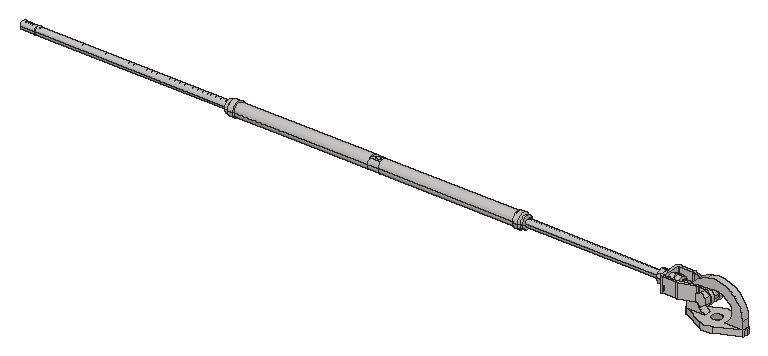
Revit family "HCL_Latchways_FallArrstSymGddAnchrLine_MultiSpanSystem", category Specialty Equipment, host Face, Revit 2014
Parameters (values of type "FallArrestSystemGuidedAnchorLine_MultiSpanSystem_StartSet_MSA_Latchways")
  WarrantyStartDate [instance] = "1900-12-31T23:59:59"
  WarrantyGuarantorParts = "n/a"
  WarrantyGuarantorLabor = "n/a"
  WarrantyDurationUnit = "year"
  WarrantyDurationParts = "n/a"
  WarrantyDurationLabor = "n/a"
  WarrantyDescription = "n/a"
  Version = "1"  # constant formula
  Uniclass2 = "Ss_80_30_25_35"
  URL = "www.latchways.com"
  Type1IntermediateMaterial = LWplc_Latchways_StainlessSteel_MarineGrade316
  Type1Intermediate = no
  Type Comments = "n/a"
  ThreadedSwageMaterial = LWplc_Latchways_StainlessSteel_MarineGrade316
  ThreadedSwage = yes
  TagNumber [instance] = "n/a"
  SwageSlipIndicatorMaterial = LWplc_Latchways_StainlessSteel_MarineGrade316
  SustainabilityPerformance = "n/a"
  StartSetSwageSlipIndicator = yes
  Size = "n/a"
  SingleSpanTrolleyMaterial = LWplc_Latchways_StainlessSteel_MarineGrade316
  RodMaterial = LWplc_Latchways_StainlessSteel_MarineGrade316
  OverheadDeviceType1Material = LWplc_Latchways_StainlessSteel_MarineGrade316
  OverheadDeviceType1 = no
  Shape = "n/a"
  ServiceLifeDuration = "n/a"
  SerialNumber [instance] = "n/a"
  Revision = "n/a"
  ReplacementCost = "n/a"
  Reference = "n/a"
  ProductInformation = "www.latchways.com/BIM/Latchways_OverheadSystem_SingleSpan_Multispan_StartSet.pdf"
  NominalWidth = 0 mm
  NominalLength = 0 mm
  NominalHeight = 0 mm
  Name = "FallArrestSystemGuidedAnchorLine_MultiSpanSystem_StartSet_MSA_Latchways"
  NBSReference = "80-50-25/110"
  NBSNote = "n/a"
  NBSDescription = "Fall arrest system - guided anchor line"
  ModelReference = "Overhead system Multispan"
  ModelNumber = "n/a"
  Model = "n/a"
  Material = "All critical components are manufactured from stainless steel grade 316"
  ManufacturerURL = "www.latchways.com"
  ManufacturerName = "MSA Latchways"
  Manufacturer = "info@latchways.com"
  LongRunLineTenserMaterial = LWplc_Latchways_StainlessSteel_MarineGrade316
  LongRunLineTenser = yes
  Keynote = ""
  Installer Website = "https://www.hclsafety.com/"
  Installer Information = "https://www.hclsafety.com/wp-content/uploads/2017/10/AC55-HCL-A4-brochure-2017.pdf"
  InstallationDate [instance] = "1900-12-31T23:59:59"
  IfcExportType = "IfcTransportElement"  # constant formula
  IfcExportAs = "NOTDEFINED"  # constant formula
  HeavyDutyDRingMaterial = LWplc_Latchways_StainlessSteel_MarineGrade316
  HeavyDutyDRing = yes
  Grade = "n/a"
  FireExit = no
  Finish = "n/a"
  Features = "n/a"
  ExtendedTurnbuckleBodyMaterial = LWplc_Latchways_StainlessSteel_MarineGrade316
  ExtendedTurnbuckleBody = yes
  ExpectedLife = "n/a"
  EnergyAbsorberMaterial = LWplc_Latchways_PVCu_Vinakon_Black
  EnergyAbsorber = no
  EndSetSwageSlipIndicator = no
  DurationUnit = "year"
  Description = "Latchways’ overhead systems combine revolutionary Constant\nForce® technology with an innovative mobile anchorage device. With the capacity for multiple workers to be attached, the system offers unhindered mobilty and continuous, hands-free security whilst\nworking at height. System compliant with latest EN 795 standard"
  Default Elevation = 1219.2 mm
  Constituents = "n/a"
  Color = "n/a"
  CodePerformance = "n/a"
  Category = "n/a"
  BoltMaterial = LWplc_Latchways_StainlessSteel_MarineGrade316
  BarCode [instance] = "n/a"
  BIMObjectName = "HCL_Latchways_FallArrestSystemGuidedAnchorLine_MultiSpanSystem_StartSet"
  Author = "MSA Latchways"  # constant formula
  AssetType = "Fixed"
  AssetIdentifier [instance] = "n/a"
  AccessibilityPerformance = "n/a"
Types (4, lengths in mm): name | Type1Intermediate | ThreadedSwage | StartSetSwageSlipIndicator | OverheadDeviceType1 | ProductInformation | Name | LongRunLineTenser | HeavyDutyDRing | ExtendedTurnbuckleBody | EnergyAbsorber | EndSetSwageSlipIndicator | Description | BIMObjectName
  FallArrestSystemGuidedAnchorLine_MultiSpanSystem_EndSet_MSA_Latchways | no | no | no | no | "www.latchways.com/BIM/Latchways_OverheadSystem_SingleSpan_Multispan_EndSet.pdf" | "FallArrestSystemGuidedAnchorLine_MultiSpanSystem_EndSet_MSA_Latchways" | no | yes | no | yes | yes | "Latchways’ overhead systems combine revolutionary Constant\r\nForce® technology with an innovative mobile anchorage device. With the capacity for multiple workers to be attached, the system offers unhindered mobilty and continuous, hands-free security whilst\r\nworking at height. System compliant with latest EN 795 standard" | "HCL_Latchways_FallArrestSystemGuidedAnchorLine_MultiSpanSystem_EndSet\r\nLWplc_Latchways_FallArrestSystemGuidedAnchorLine_MultiSpanSystem_EndSet"
  FallArrestSystemGuidedAnchorLine_MultiSpanSystem_MultiSpanTrolley_MSA_Latchways | no | no | no | yes | "www.latchways.com/BIM/Latchways_OverheadSystem_Multispan_Trolley.pdf" | "FallArrestSystemGuidedAnchorLine_MultiSpanSystem_MultiSpanTrolley_MSA_Latchways" | no | no | no | no | no | "Latchways’ overhead systems combine revolutionary Constant\r\nForce® technology with an innovative mobile anchorage device. With the capacity for multiple workers to be attached, the system offers unhindered mobilty and continuous, hands-free security whilst\r\nworking at height. System compliant with latest EN 795 standard" | "HCL_Latchways_FallArrestSystemGuidedAnchorLine_MultiSpanSystem_MultiSpanTrolley"
  FallArrestSystemGuidedAnchorLine_MultiSpanSystem_StartSet_MSA_Latchways | no | yes | yes | no | "www.latchways.com/BIM/Latchways_OverheadSystem_SingleSpan_Multispan_StartSet.pdf" | "FallArrestSystemGuidedAnchorLine_MultiSpanSystem_StartSet_MSA_Latchways" | yes | yes | yes | no | no | "Latchways’ overhead systems combine revolutionary Constant\nForce® technology with an innovative mobile anchorage device. With the capacity for multiple workers to be attached, the system offers unhindered mobilty and continuous, hands-free security whilst\nworking at height. System compliant with latest EN 795 standard" | "HCL_Latchways_FallArrestSystemGuidedAnchorLine_MultiSpanSystem_StartSet"
  FallArrestSystemGuidedAnchorLine_MultiSpanSystem_IntermediateSet_MSA_Latchways | yes | no | no | no | "www.latchways.com/BIM/Latchways_OverheadSystem_Multispan_IntermediateSet.pdf" | "FallArrestSystemGuidedAnchorLine_MultiSpanSystem_IntermediateSet_MSA_Latchways" | no | no | no | no | no | "Latchways’ overhead systems combine revolutionary Constant\r\nForce® technology with an innovative mobile anchorage device. With the capacity for multiple workers to be attached, the system offers unhindered mobilty and continuous, hands-free security whilst\r\nworking at height. System compliant with latest EN 795 standard" | "HCL_Latchways_FallArrestSystemGuidedAnchorLine_MultiSpanSystem_IntermediateSet"
Reference planes
  plane 1 "Center (Front/Back)": y = 0
  plane 2: z = 0
  plane 3 "Center (Left/Right)": x = 0
Dimensions and locks
  aligned and locked: plane 2 to host face
  aligned and locked: level to host face
  aligned and locked: nested 1 to plane 2
Nested families
  nested 1: "LWplc_Latchways_FallArrstSymGddAnchrLine_HeavyDutyD-Ring" at (0, 0.469, 0) x (0, 1, 0) z (0, 0, 1), visible <- "HeavyDutyDRing", type "HeavyDutyD-Ring_Latchways"
  nested 2: "LWplc_Latchways_FallArrstSymGddAnchrLine_EnergyAbsorber" at (189.375, 0, 10.313) x (-1, 0, 0) z (0, 0, 1), visible <- "EnergyAbsorber", type "EnergyAbsorber_Latchways"
  nested 3: "LWplc_Latchways_FallArrstSymGddAnchrLine_SwageSlipIndicator" at (432.72, 0, 41.967) x (0, 0, 1) z (1, 0, 0), visible <- "EndSetSwageSlipIndicator", type "SwageSlipIndicator_Latchways"
  nested 4: "LWplc_Latchways_FallArrstSymGddAnchrLine_LongRunLineTenser" at (-51.406, -0.156, 10.313) x (-1, 0, 0) z (0, 0, 1), visible <- "LongRunLineTenser", type "LongRunLineTenser_Latchways"
  nested 5: "LWplc_Latchways_FallArrstSymGddAnchrLine_TurnBuckleBody" at (-332.707, -0.156, 42.219) x (0, 0, 1) z (-1, 0, 0), visible <- "ExtendedTurnbuckleBody", type "TurnBuckleBody_Latchways"
  nested 6: "LWplc_Latchways_FallArrstSymGddAnchrLine_ThreadedSwage" at (-854.707, -0.156, 42.118) x (0, 0, 1) z (-1, 0, 0), visible <- "ThreadedSwage", type "FallArrestSystemGuidedAnchorLine_ThreadedSwage_Latchways"
  nested 7: "LWplc_Latchways_FallArrstSymGddAnchrLine_SwageSlipIndicator" at (-1191.707, -0.156, 42.391) x (0, 0, -1) z (-1, 0, 0), visible <- "StartSetSwageSlipIndicator", type "SwageSlipIndicator_Latchways"
  nested 8: "LWplc_Latchways_FallArrstSymGddAnchrLine_MultiSpanSystem_Type1Intermediate" at (0, 0, 0) x (-1, 0, 0) z (0, 0, 1), visible <- "Type1Intermediate", type "Type1Intermediate_Latchways"
  nested 9: "LWplc_Latchways_FallArrstSymGddAnchrLine_MultiSpanSystem_OverheadDeviceType1" at (0, 0, 0.008), visible <- "OverheadDeviceType1", type "OverheadDeviceType1_Latchways"
Definition of nested family "LWplc_Latchways_FallArrstSymGddAnchrLine_HeavyDutyD-Ring"
  Parameters (values of type "HeavyDutyD-Ring_Latchways")
    D-RingMaterial = LWplc_Latchways_StainlessSteel_MarineGrade316
    D-RingVisible [instance] = yes
  Reference planes
    plane 1 "Center (Front/Back)": y = 0
    plane 2: z = 0
    plane 3 "Center (Left/Right)": x = 0
    plane 4: z = 10
    plane 5: y = 50.785
    plane 6: y = -51.526
  Forms (mm)
    Extrusion 1, solid, material "LWplc_Latchways_StainlessSteel_MarineGrade316" <- "D-RingMaterial", visible <- "D-RingVisible", detail levels medium+fine
      sketch origin (0, 0, 0) x (1, 0, 0) y (0, 1, 0)
        loop
          line (-24.815, -12.3) -> (-6.291, -49.853)
          arc (-6.291, -49.853) -> (-5.185, -51.074) -> (-3.601, -51.526) r 3
          line (-3.601, -51.526) -> (2.399, -51.526)
          arc (2.399, -51.526) -> (3.983, -51.074) -> (5.09, -49.853) r 3
          line (5.09, -49.853) -> (23.614, -12.3)
          arc (23.614, -12.3) -> (26.399, -0.352) -> (23.61, 11.596) r 27
          line (23.61, 11.596) -> (5.089, 49.113)
          arc (5.089, 49.113) -> (3.983, 50.333) -> (2.399, 50.785) r 3
          line (2.399, 50.785) -> (-3.601, 50.785)
          arc (-3.601, 50.785) -> (-5.184, 50.333) -> (-6.291, 49.113) r 3
          line (-6.291, 49.113) -> (-24.811, 11.596)
          arc (-24.811, 11.596) -> (-27.601, -0.352) -> (-24.815, -12.3) r 27
      from 0 to 10
    Extrusion 2, solid, material "LWplc_Latchways_StainlessSteel_MarineGrade316" <- "D-RingMaterial", visible <- "D-RingVisible"
      sketch origin (0, 535.467, 227.54) x (0, 1, 0) y (0, 0, 1)
        loop
          arc (-561.11, -182.619) -> (-535.818, -171.857) -> (-510.526, -182.619) r 35.1
          arc (-510.526, -182.619) -> (-507.087, -186.884) -> (-505.408, -192.099) r 15
          arc (-505.408, -192.099) -> (-507.841, -206.708) -> (-517.941, -217.54) r 25.661
          line (-517.941, -217.54) -> (-486.699, -217.54) -> (-486.699, -205.173)
          arc (-486.699, -205.173) -> (-497.091, -174.829) -> (-523.902, -157.227) r 49.497
          arc (-523.902, -157.227) -> (-566.124, -166.332) -> (-585.021, -205.173) r 49.366
          line (-585.021, -205.173) -> (-585.021, -217.54) -> (-553.695, -217.54)
          arc (-553.695, -217.54) -> (-563.795, -206.708) -> (-566.228, -192.099) r 25.661
          arc (-566.228, -192.099) -> (-564.55, -186.884) -> (-561.11, -182.619) r 15
      from -6.598 to 5.392
    Blend 3, void, detail levels medium+fine
      base sketch origin (0, 0, 0) x (1, 0, 0) y (0, 1, 0)
        loop
          circle (-0.625, -0.312) r 13.605
      top sketch origin (0, 0, 0) x (1, 0, 0) y (0, 1, 0)
        loop
          circle (-0.625, -0.312) r 8.974
      from 0 to 10
    Extrusion 4, solid, material "LWplc_Latchways_StainlessSteel_MarineGrade316" <- "D-RingMaterial", visible <- "D-RingVisible", detail levels coarse
      sketch origin (0, 0, 0) x (1, 0, 0) y (0, 1, 0)
        loop
          line (4.265, -51.526) -> (23.614, -12.3) -> (23.614, 11.588) -> (4.264, 50.785) -> (-5.465, 50.785) -> (-25, 11.213) -> (-25, -11.925) -> (-5.466, -51.526) -> (4.265, -51.526)
      from 0 to 10
  Cuts and joins
    Blend 3 cuts Extrusion 1
    Blend 3 cuts Extrusion 2
  Dimensions and locks
    aligned and locked: level to plane 2
    aligned and locked: plane 5 to Extrusion 1
    aligned and locked: plane 6 to Extrusion 1
    aligned and locked: Extrusion 2 to plane 4  (x2)
Definition of nested family "LWplc_Latchways_FallArrstSymGddAnchrLine_EnergyAbsorber"
  Parameters (values of type "EnergyAbsorber_Latchways")
    RodMaterial = LWplc_Latchways_StainlessSteel_MarineGrade316
    EnergyAbsorberVisible [instance] = yes
    EnergyAbsorberMaterial = LWplc_Latchways_PVCu_Vinakon_Black
    BoltMaterial = LWplc_Latchways_StainlessSteel_MarineGrade316
  Reference planes
    plane 1 "Center (Front/Back)": y = 0
    plane 2: z = 0
    plane 3 "Center (Left/Right)": x = 0
  Forms (mm)
    Extrusion 1, solid, material "LWplc_Latchways_PVCu_Vinakon_Black" <- "EnergyAbsorberMaterial", visible <- "EnergyAbsorberVisible", detail levels medium+fine
      sketch origin (0, 27.839, 0) x (1, 0, 0) y (0, 0, 1)
        loop
          line (-141.559, 32.09) -> (-140.796, 10.258)
          arc (-140.796, 10.258) -> (-136.948, 2.9) -> (-128.802, 1.29) r 9.607
          line (-128.802, 1.29) -> (-128.802, 5.402) -> (-108.802, 5.402) -> (-108.802, 0.591) -> (43.394, 0.591) -> (43.394, 5.746) -> (45.975, 5.729) -> (46.19, -0.41) -> (99.851, 1.464)
          arc (99.851, 1.464) -> (100.951, 1.919) -> (101.407, 3.019) r 1.555
          line (101.407, 3.019) -> (101.352, 4.583)
          arc (101.352, 4.583) -> (101.635, 5.267) -> (102.319, 5.55) r 0.967
          line (102.319, 5.55) -> (125.316, 6.353)
          arc (125.316, 6.353) -> (126.782, 6.96) -> (127.389, 8.427) r 2.074
          line (127.389, 8.427) -> (127.335, 9.99)
          arc (127.335, 9.99) -> (127.618, 10.674) -> (128.301, 10.957) r 0.967
          line (128.301, 10.957) -> (140.827, 11.395)
          arc (140.827, 11.395) -> (142.082, 11.895) -> (142.732, 13.08) r 2
          arc (142.732, 13.08) -> (143.858, 22.555) -> (144.234, 32.09) r 121.069
          arc (144.234, 32.09) -> (143.858, 41.624) -> (142.732, 51.099) r 121.069
          arc (142.732, 51.099) -> (142.082, 52.284) -> (140.827, 52.784) r 2
          line (140.827, 52.784) -> (128.301, 53.222)
          arc (128.301, 53.222) -> (127.618, 53.505) -> (127.335, 54.189) r 0.967
          line (127.335, 54.189) -> (127.389, 55.752)
          arc (127.389, 55.752) -> (126.782, 57.219) -> (125.316, 57.826) r 2.074
          line (125.316, 57.826) -> (102.319, 58.629)
          arc (102.319, 58.629) -> (101.635, 58.912) -> (101.352, 59.596) r 0.967
          line (101.352, 59.596) -> (101.407, 61.16)
          arc (101.407, 61.16) -> (100.951, 62.26) -> (99.851, 62.715) r 1.555
          line (99.851, 62.715) -> (46.19, 64.589) -> (45.975, 58.45) -> (43.394, 58.433) -> (43.394, 63.589) -> (-108.802, 63.589) -> (-108.802, 58.777) -> (-128.802, 58.777) -> (-128.802, 62.889)
          arc (-128.802, 62.889) -> (-136.948, 61.279) -> (-140.796, 53.921) r 9.607
          line (-140.796, 53.921) -> (-141.559, 32.09)
      from -6.643 to 62.32
    Extrusion 2, solid, material "LWplc_Latchways_PVCu_Vinakon_Black" <- "EnergyAbsorberMaterial", visible <- "EnergyAbsorberVisible"
      sketch origin (0, 27.839, 0) x (1, 0, 0) y (0, 1, 0)
        loop
          line (-78.744, 6.643) -> (38.592, 6.643)
          arc (38.592, 6.643) -> (-20.076, 40.314) -> (-78.744, 6.643) r 67.946
        loop
          line (38.349, -62.32) -> (-78.501, -62.32)
          arc (-78.501, -62.32) -> (-20.076, -95.579) -> (38.349, -62.32) r 67.946
      from 1.29 to 62.715
    Extrusion 3, solid, material "LWplc_Latchways_PVCu_Vinakon_Black" <- "EnergyAbsorberMaterial", visible <- "EnergyAbsorberVisible", detail levels coarse
      sketch origin (0, 27.839, 0) x (1, 0, 0) y (0, 0, 1)
        loop
          line (-140.796, 53.921) -> (-141.559, 32.09) -> (-140.796, 10.258)
          arc (-140.796, 10.258) -> (-136.948, 2.9) -> (-128.802, 1.29) r 9.607
          line (-128.802, 1.29) -> (-128.802, 5.402) -> (-108.802, 5.402) -> (-108.802, 0.591) -> (101.352, 0.591) -> (101.352, 5.516) -> (127.389, 6.425) -> (127.389, 11.452) -> (142.462, 11.452)
          arc (142.462, 11.452) -> (143.79, 21.733) -> (144.234, 32.09) r 121.069
          arc (144.234, 32.09) -> (143.79, 42.446) -> (142.462, 52.727) r 121.069
          line (142.462, 52.727) -> (127.389, 52.727) -> (127.389, 57.754) -> (101.352, 58.663) -> (101.352, 63.589) -> (-108.802, 63.589) -> (-108.802, 58.777) -> (-128.802, 58.777) -> (-128.802, 62.889)
          arc (-128.802, 62.889) -> (-136.948, 61.279) -> (-140.796, 53.921) r 9.607
      from -6.643 to 62.32
    Extrusion 4, solid, material "LWplc_Latchways_StainlessSteel_MarineGrade316" <- "BoltMaterial", visible <- "EnergyAbsorberVisible"
      sketch origin (-1.875, 27.839, 0) x (1, 0, 0) y (0, 0, 1)
        loop
          line (145.113, 16.591) -> (176.117, 16.591)
          arc (176.117, 16.591) -> (191.117, 31.591) -> (176.117, 46.591) r 15
          line (176.117, 46.591) -> (145.238, 46.591)
          arc (145.238, 46.591) -> (145.891, 39.355) -> (146.109, 32.091) r 121.069
          arc (146.109, 32.091) -> (145.86, 24.324) -> (145.113, 16.591) r 121.069
      from 16.254 to 21.254
    Extrusion 5, solid, material "LWplc_Latchways_StainlessSteel_MarineGrade316" <- "BoltMaterial", visible <- "EnergyAbsorberVisible"
      sketch origin (-1.875, 9.906, 0) x (1, 0, 0) y (0, 0, 1)
        loop
          line (145.113, 16.591) -> (176.117, 16.591)
          arc (176.117, 16.591) -> (191.117, 31.591) -> (176.117, 46.591) r 15
          line (176.117, 46.591) -> (145.237, 46.591)
          arc (145.237, 46.591) -> (145.891, 39.354) -> (146.109, 32.09) r 121.069
          arc (146.109, 32.09) -> (145.86, 24.324) -> (145.113, 16.591) r 121.069
      from 16.254 to 21.254
    Extrusion 6, solid, material "LWplc_Latchways_StainlessSteel_MarineGrade316" <- "BoltMaterial", visible <- "EnergyAbsorberVisible", detail levels medium+fine
      sketch origin (0, 0, 0) x (1, 0, 0) y (0, 0, 1)
        loop
          circle (172.655, 31.654) r 5.9
      from -6.585 to 6.348
    Extrusion 7, solid, material "LWplc_Latchways_StainlessSteel_MarineGrade316" <- "BoltMaterial", visible <- "EnergyAbsorberVisible", detail levels medium+fine
      sketch origin (0, 0, 0) x (1, 0, 0) y (0, 0, 1)
        loop
          line (161.884, 31.704) -> (167.313, 22.301) -> (177.997, 22.301) -> (183.426, 31.704) -> (177.997, 41.007) -> (167.313, 41.007) -> (161.884, 31.704)
      from 11.348 to 18.933
    Extrusion 8, solid, material "LWplc_Latchways_StainlessSteel_MarineGrade316" <- "BoltMaterial", visible <- "EnergyAbsorberVisible", detail levels medium+fine
      sketch origin (0, 30.518, 0) x (1, 0, 0) y (0, 0, 1)
        loop
          line (161.884, 31.704) -> (167.313, 22.301) -> (177.997, 22.301) -> (183.426, 31.704) -> (177.997, 41.007) -> (167.313, 41.007) -> (161.884, 31.704)
      from 11.348 to 18.933
    Extrusion 9, solid, material "LWplc_Latchways_StainlessSteel_MarineGrade316" <- "BoltMaterial", visible <- "EnergyAbsorberVisible", detail levels medium+fine
      sketch origin (-130.211, 172.659, 0) x (0, -1, 0) y (0, 0, 1)
        loop
          line (161.884, 31.704) -> (167.313, 22.301) -> (177.997, 22.301) -> (183.426, 31.704) -> (177.997, 41.007) -> (167.313, 41.007) -> (161.884, 31.704)
      from 11.348 to 22.691
    Revolve 10, solid, material "LWplc_Latchways_StainlessSteel_MarineGrade316" <- "RodMaterial", visible <- "EnergyAbsorberVisible"
      sketch origin (0, 0, 0) x (1, 0, 0) y (0, 0, 1)
        loop
          line (-243.345, 31.654) -> (-141.559, 31.654) -> (-141.559, 37.954) -> (-239.845, 37.954) -> (-243.345, 37.016) -> (-243.345, 31.654)
        axis (-141.559, 31.654) -> (-243.345, 31.654)
      angle from 0 to 360
  Dimensions and locks
    aligned and locked: level to plane 2
    aligned and locked: Extrusion 1 to Extrusion 3  (x2)
    aligned and locked: Extrusion 2 to Extrusion 1  (x2)
Definition of nested family "LWplc_Latchways_FallArrstSymGddAnchrLine_SwageSlipIndicator"
  Parameters (values of type "SwageSlipIndicator_Latchways")
    SwageSlipVisible [instance] = yes
    SwageSlipMaterial = LWplc_Latchways_StainlessSteel_MarineGrade316
    SwageSlipLength = 25 mm
    Default Elevation = 1219.2 mm
  Reference planes
    plane 1 "Center (Front/Back)": y = 0
    plane 2: z = 0
    plane 3 "Center (Left/Right)": x = 0
    plane 4: z = 25
    plane 5: z = 21.622
    plane 6: z = 3.378
    plane 7: z = 12.5
  Forms (mm)
    Extrusion 1, solid, material "LWplc_Latchways_StainlessSteel_MarineGrade316" <- "SwageSlipMaterial", visible <- "SwageSlipVisible"
      sketch origin (0, 0, 12.5) x (0, 1, 0) y (-1, 0, 0)
        loop
          circle (0, 0) r 6.35
      from -12.5 to 12.5
    Extrusion 2, void
      sketch origin (0, 0, 12.5) x (0, 1, 0) y (-1, 0, 0)
        loop
          circle (0, 0) r 4.75
      from -9.122 to 9.122
    Blend 3, void
      base sketch origin (0, 0, 12.5) x (0, 1, 0) y (-1, 0, 0)
        loop
          circle (0, 0) r 5.55
      top sketch origin (0, 0, 12.5) x (0, 1, 0) y (-1, 0, 0)
        loop
          circle (0, 0) r 4.75
      from -12.5 to -9.122
    Blend 4, void
      base sketch origin (0, 0, 0) x (1, 0, 0) y (0, 1, 0)
        loop
          circle (0, 0) r 4.75
      top sketch origin (0, 0, 0) x (1, 0, 0) y (0, 1, 0)
        loop
          circle (0, 0) r 5.55
      from 21.622 to 25
  Cuts and joins
    Extrusion 2, Blend 3, Blend 4 cuts Extrusion 1
  Dimensions and locks
    aligned and locked: level to plane 2
    aligned and locked: Blend 4 to plane 5
    aligned and locked: plane 4 to Blend 4
Definition of nested family "LWplc_Latchways_FallArrstSymGddAnchrLine_LongRunLineTenser"
  Parameters (values of type "LongRunLineTenser_Latchways")
    LongRunLineTenserVisible [instance] = yes
    LongRunLineTenserMaterial = LWplc_Latchways_StainlessSteel_MarineGrade316
  Reference planes
    plane 1 "Center (Front/Back)": y = 0
    plane 2: z = 0
    plane 3 "Center (Left/Right)": x = 0
  Forms (mm)
    Extrusion 1, solid, material "LWplc_Latchways_StainlessSteel_MarineGrade316" <- "LongRunLineTenserMaterial", visible <- "LongRunLineTenserVisible"
      sketch origin (0, 0, 19.1) x (1, 0, 0) y (0, 1, 0)
        loop
          arc (-28.06, 6.144) -> (-25.728, 6.327) -> (-23.453, 6.869) r 15
          line (-23.453, 6.869) -> (2.645, 15.292)
          arc (2.645, 15.292) -> (4.327, 15.743) -> (6.062, 15.894) r 10
          line (6.062, 15.894) -> (27.801, 15.894)
          arc (27.801, 15.894) -> (28.861, 15.455) -> (29.301, 14.394) r 1.5
          line (29.301, 14.394) -> (29.301, -14.606)
          arc (29.301, -14.606) -> (28.861, -15.666) -> (27.801, -16.106) r 1.5
          line (27.801, -16.106) -> (6.062, -16.106)
          arc (6.062, -16.106) -> (4.327, -15.954) -> (2.645, -15.504) r 10
          line (2.645, -15.504) -> (-23.453, -7.081)
          arc (-23.453, -7.081) -> (-25.728, -6.538) -> (-28.06, -6.356) r 15
          line (-28.06, -6.356) -> (-28.06, -11.356)
          arc (-28.06, -11.356) -> (-26.919, -11.361) -> (-25.784, -11.475) r 12.009
          arc (-25.784, -11.475) -> (-24.963, -11.638) -> (-24.16, -11.869) r 10
          line (-24.16, -11.869) -> (1.93, -20.565)
          arc (1.93, -20.565) -> (3.442, -20.97) -> (5.001, -21.106) r 9
          line (5.001, -21.106) -> (27.801, -21.106)
          arc (27.801, -21.106) -> (32.397, -19.202) -> (34.301, -14.606) r 6.5
          line (34.301, -14.606) -> (34.301, 14.394)
          arc (34.301, 14.394) -> (32.397, 18.991) -> (27.801, 20.894) r 6.5
          line (27.801, 20.894) -> (5.001, 20.894)
          arc (5.001, 20.894) -> (3.442, 20.758) -> (1.93, 20.354) r 9
          line (1.93, 20.354) -> (-24.16, 11.658)
          arc (-24.16, 11.658) -> (-25.483, 11.315) -> (-26.84, 11.156) r 10
          arc (-26.84, 11.156) -> (-27.45, 11.144) -> (-28.06, 11.156) r 15.3
          line (-28.06, 11.156) -> (-28.06, 6.144)
      from 0 to 25
    Extrusion 2, solid, material "LWplc_Latchways_StainlessSteel_MarineGrade316" <- "LongRunLineTenserMaterial", visible <- "LongRunLineTenserVisible"
      sketch origin (0, 0, 19.1) x (1, 0, 0) y (0, 0, 1)
        loop
          line (-28.06, 25) -> (-38.999, 25)
          arc (-38.999, 25) -> (-51.499, 12.5) -> (-38.999, 0) r 12.5
          line (-38.999, 0) -> (-28.06, 0) -> (-28.06, 25)
      from 6.356 to 11.406
    Extrusion 3, solid, material "LWplc_Latchways_StainlessSteel_MarineGrade316" <- "LongRunLineTenserMaterial", visible <- "LongRunLineTenserVisible"
      sketch origin (0, 17.512, 19.1) x (1, 0, 0) y (0, 0, 1)
        loop
          line (-28.06, 25) -> (-38.999, 25)
          arc (-38.999, 25) -> (-51.499, 12.5) -> (-38.999, 0) r 12.5
          line (-38.999, 0) -> (-28.06, 0) -> (-28.06, 25)
      from 6.356 to 11.406
    Extrusion 4, solid, material "LWplc_Latchways_StainlessSteel_MarineGrade316" <- "LongRunLineTenserMaterial", visible <- "LongRunLineTenserVisible"
      sketch origin (0, 0, 19.1) x (1, 0, 0) y (0, 0, 1)
        loop
          line (-48.052, 17.871) -> (-48.052, 7.129) -> (-38.674, 1.714) -> (-29.346, 7.129) -> (-29.346, 17.9) -> (-38.724, 23.286) -> (-48.052, 17.871)
      from 11.406 to 18.856
    Extrusion 5, solid, material "LWplc_Latchways_StainlessSteel_MarineGrade316" <- "LongRunLineTenserMaterial", visible <- "LongRunLineTenserVisible"
      sketch origin (0, 30.012, 19.1) x (1, 0, 0) y (0, 0, 1)
        loop
          line (-48.052, 17.871) -> (-48.052, 7.129) -> (-38.674, 1.714) -> (-29.346, 7.129) -> (-29.346, 17.9) -> (-38.724, 23.286) -> (-48.052, 17.871)
      from 10.171 to 18.856
    Extrusion 6, solid, material "LWplc_Latchways_StainlessSteel_MarineGrade316" <- "LongRunLineTenserMaterial", visible <- "LongRunLineTenserVisible", detail levels medium+fine
      sketch origin (0, 0, 19.1) x (1, 0, 0) y (0, 0, 1)
        loop
          circle (-38.799, 12.5) r 8.9
      from -6.106 to 6.356
    Extrusion 7, solid, material "LWplc_Latchways_StainlessSteel_MarineGrade316" <- "LongRunLineTenserMaterial", visible <- "LongRunLineTenserVisible", detail levels medium+fine
      sketch origin (0, 0, 19.1) x (0, 1, 0) y (0, 0, 1)
        loop
          circle (0, 12.218) r 12
      from 34.301 to 36.001
    Extrusion 8, solid, material "LWplc_Latchways_StainlessSteel_MarineGrade316" <- "LongRunLineTenserMaterial", visible <- "LongRunLineTenserVisible", detail levels medium+fine
      sketch origin (0, -0.078, 19.1) x (0, 1, 0) y (0, 0, 1)
        loop
          line (11, 12.378) -> (7.778, 20.157) -> (0, 23.378) -> (-7.778, 20.157) -> (-11, 12.378) -> (-7.778, 4.6) -> (0, 1.378) -> (7.778, 4.6) -> (11, 12.378)
      from 36.001 to 46.101
    Extrusion 9, solid, material "LWplc_Latchways_StainlessSteel_MarineGrade316" <- "LongRunLineTenserMaterial", visible <- "LongRunLineTenserVisible"
      sketch origin (-16.878, -0.078, 19.1) x (0, 1, 0) y (0, 0, 1)
        loop
          line (11, 12.378) -> (7.778, 20.157) -> (0, 23.378) -> (-7.778, 20.157) -> (-11, 12.378) -> (-7.778, 4.6) -> (0, 1.378) -> (7.778, 4.6) -> (11, 12.378)
      from 36.179 to 46.179
    Extrusion 10, solid, material "LWplc_Latchways_StainlessSteel_MarineGrade316" <- "LongRunLineTenserMaterial", visible <- "LongRunLineTenserVisible"
      sketch origin (-26.878, -0.078, 19.1) x (0, 1, 0) y (0, 0, 1)
        loop
          line (11, 12.378) -> (7.778, 20.157) -> (0, 23.378) -> (-7.778, 20.157) -> (-11, 12.378) -> (-7.778, 4.6) -> (0, 1.378) -> (7.778, 4.6) -> (11, 12.378)
      from 36.179 to 46.179
    Extrusion 11, solid, material "LWplc_Latchways_StainlessSteel_MarineGrade316" <- "LongRunLineTenserMaterial", visible <- "LongRunLineTenserVisible"
      sketch origin (0, 0, 19.1) x (0, 1, 0) y (0, 0, 1)
        loop
          circle (0, 12.837) r 6
        loop
          circle (0, 12.837) r 5.5
      from 34.301 to 281.301
    Extrusion 12, solid, material "LWplc_Latchways_StainlessSteel_MarineGrade316" <- "LongRunLineTenserMaterial", visible <- "LongRunLineTenserVisible"
      sketch origin (-350, -0.078, 19.1) x (0, 1, 0) y (0, 0, 1)
        loop
          circle (0, 12.837) r 6
      from 349.301 to 359.301
    Extrusion 13, void, detail levels medium+fine
      sketch origin (0, 0, 19.1) x (1, 0, 0) y (0, 1, 0)
        loop
          circle (4.045, 0) r 2
      from 5.314 to 20.157
  Cuts and joins
    Extrusion 13 cuts Extrusion 12
  Dimensions and locks
    aligned and locked: level to plane 2
    aligned and locked: Extrusion 6 to Extrusion 1
    aligned and locked: Extrusion 6 to Extrusion 3
    aligned and locked: Extrusion 12 to Extrusion 10
    aligned and locked: Extrusion 11 to Extrusion 1
Definition of nested family "LWplc_Latchways_FallArrstSymGddAnchrLine_TurnBuckleBody"
  Parameters (values of type "TurnBuckleBody_Latchways")
    TurnBuckleBodyVisible [instance] = yes
    TurnBuckleBodyMaterial = LWplc_Latchways_StainlessSteel_MarineGrade316
    TurnBuckleBodyLength = 522 mm
    Default Elevation = 1219.2 mm
  Reference planes
    plane 1 "Center (Front/Back)": y = 0
    plane 2: z = 0
    plane 3 "Center (Left/Right)": x = 0
    plane 4: z = 522
    plane 5: z = 506.271
    plane 6: z = 16
    plane 7: z = 261
    plane 8: z = 270.668
    plane 9: z = 251.642
  Forms (mm)
    Revolve 1, solid, material "LWplc_Latchways_StainlessSteel_MarineGrade316" <- "TurnBuckleBodyMaterial", visible <- "TurnBuckleBodyVisible", detail levels medium+fine
      sketch origin (0, 0, 261.271) x (0, 0, -1) y (0, -1, 0)
        loop
          line (-245, -12.717) -> (-245, 0) -> (-260.729, 0) -> (-260.729, -10.471) -> (-255.929, -10.471) -> (-253.907, -12.717) -> (-245, -12.717)
        axis (-245, 0) -> (-260.729, 0)
      angle from 0 to 360
    Extrusion 2, solid, material "LWplc_Latchways_StainlessSteel_MarineGrade316" <- "TurnBuckleBodyMaterial", visible <- "TurnBuckleBodyVisible", detail levels medium+fine
      sketch origin (0, 0, 261) x (0, 1, 0) y (-1, 0, 0)
        loop
          circle (0, 0) r 11.2
      from -245 to -9.358
    Extrusion 3, solid, material "LWplc_Latchways_StainlessSteel_MarineGrade316" <- "TurnBuckleBodyMaterial", visible <- "TurnBuckleBodyVisible", detail levels medium+fine
      sketch origin (0, 0, 261) x (0, 1, 0) y (-1, 0, 0)
        loop
          line (0, 9.612) -> (-5.749, 9.612)
          arc (-5.749, 9.612) -> (-9.742, 5.525) -> (-11.2, 0) r 11.2
          arc (-11.2, 0) -> (-9.845, -5.34) -> (-6.108, -9.388) r 11.2
          line (-6.108, -9.388) -> (0, -9.388) -> (6.108, -9.388)
          arc (6.108, -9.388) -> (9.845, -5.34) -> (11.2, 0) r 11.2
          arc (11.2, 0) -> (9.742, 5.525) -> (5.749, 9.612) r 11.2
          line (5.749, 9.612) -> (0, 9.612)
      from 9.668 to -9.358
    Extrusion 4, void, detail levels medium+fine
      sketch origin (0, 0, 261) x (0, 0, 1) y (0, 1, 0)
        loop
          circle (-0.02, 0.138) r 4.15
      from -34.935 to 40
    Revolve 5, solid, material "LWplc_Latchways_StainlessSteel_MarineGrade316" <- "TurnBuckleBodyMaterial", visible <- "TurnBuckleBodyVisible", detail levels medium+fine
      sketch origin (0, 0, 260.729) x (0, 0, 1) y (0, 1, 0)
        loop
          line (-244.729, 12.717) -> (-253.907, 12.717) -> (-255.929, 10.471) -> (-260.729, 10.471) -> (-260.729, 0) -> (-244.729, 0) -> (-244.729, 12.717)
        axis (-244.729, 0) -> (-260.729, 0)
      angle from 0 to 360
    Extrusion 6, solid, material "LWplc_Latchways_StainlessSteel_MarineGrade316" <- "TurnBuckleBodyMaterial", visible <- "TurnBuckleBodyVisible", detail levels coarse
      sketch origin (0, 0, 261) x (0, 1, 0) y (-1, 0, 0)
        loop
          circle (0, 0) r 11.2
      from -261 to 261
    Extrusion 7, solid, material "LWplc_Latchways_StainlessSteel_MarineGrade316" <- "TurnBuckleBodyMaterial", visible <- "TurnBuckleBodyVisible", detail levels medium+fine
      sketch origin (0, 0, 216.55) x (1, 0, 0) y (0, 1, 0)
        loop
          circle (0, 0) r 11.2
      from 54.118 to 289.722
  Cuts and joins
    Extrusion 4 cuts Extrusion 3
    joined: Extrusion 2, Extrusion 3, Extrusion 7
  Dimensions and locks
    locked: plane 4 to plane 5 at 15.729
    equal spacing: plane 4, plane 7, plane 2
    "TurnBuckleBodyLength": plane 4 to plane 2
    plane 8 to plane 7 to plane 9 = 9.668 mm locked, 9.358 mm locked
    aligned and locked: level to plane 2
    aligned and locked: plane 4 to Revolve 1
    aligned and locked: plane 5 to Revolve 1
    aligned and locked: Revolve 5 to plane 2
    aligned and locked: plane 6 to Revolve 5
    aligned and locked: plane 6 to cut or joined group of Extrusion 2, Extrusion 3, Extrusion 4, Extrusion 7
    aligned and locked: cut or joined group of Extrusion 2, Extrusion 3, Extrusion 4, Extrusion 7 to plane 5
    aligned and locked: plane 8 to cut or joined group of Extrusion 2, Extrusion 3, Extrusion 4, Extrusion 7
    aligned and locked: cut or joined group of Extrusion 2, Extrusion 3, Extrusion 4, Extrusion 7 to plane 8
    aligned and locked: cut or joined group of Extrusion 2, Extrusion 3, Extrusion 4, Extrusion 7 to plane 9
    aligned and locked: plane 9 to cut or joined group of Extrusion 2, Extrusion 3, Extrusion 4, Extrusion 7
  Automatic sketch dimensions
    Revolve 1 sketch curve to plane 1 "Center (Front/Back)" = 0 mm  (x2)
    plane 4 to Revolve 1 sketch curve = 0 mm  (x2)
    plane 5 to Revolve 1 sketch curve = 0 mm
    Revolve 1 sketch curve to plane 1 "Center (Front/Back)" = 12.717 mm
    plane 4 to Revolve 1 sketch curve = 4.8 mm
    Revolve 1 sketch curve to Revolve 1 sketch curve = 2.022 mm
    plane 5 to Revolve 1 sketch curve = 0.136 mm
    Revolve 1 sketch curve to Revolve 1 sketch curve = 2.246 mm
    plane 1 "Center (Front/Back)" to Extrusion 2 sketch curve = 0 mm
    Extrusion 2 sketch curve to plane 3 "Center (Left/Right)" = 0 mm
    Extrusion 3 sketch curve to Extrusion 3 sketch curve = 0 mm  (x12)
    plane 1 "Center (Front/Back)" to Extrusion 3 sketch curve = 0 mm  (x3)
    plane 3 "Center (Left/Right)" to Extrusion 3 sketch curve = 9.388 mm
    Extrusion 3 sketch curve to plane 3 "Center (Left/Right)" = 0 mm
    plane 1 "Center (Front/Back)" to Extrusion 3 sketch curve = 5.749 mm
    Extrusion 3 sketch curve to Extrusion 3 sketch curve = 6.108 mm
    Extrusion 3 sketch curve to plane 1 "Center (Front/Back)" = 5.749 mm
    Extrusion 4 sketch curve to plane 7 = 0.02 mm
    Extrusion 4 sketch curve to plane 1 "Center (Front/Back)" = 0.138 mm
    Revolve 5 sketch curve to level = 0 mm  (x2)
    Revolve 5 sketch curve to plane 1 "Center (Front/Back)" = 0 mm  (x2)
    plane 6 to Revolve 5 sketch curve = 0 mm
    level to Revolve 5 sketch curve = 4.8 mm
    Revolve 5 sketch curve to plane 1 "Center (Front/Back)" = 10.471 mm
    Revolve 5 sketch curve to Revolve 5 sketch curve = 2.022 mm
    Revolve 5 sketch curve to Revolve 5 sketch curve = 0.136 mm
    Revolve 5 sketch curve to Revolve 5 sketch curve = 2.246 mm
    Extrusion 6 sketch curve to Extrusion 6 sketch curve = 0 mm  (x2)
    Extrusion 6 sketch curve to plane 3 "Center (Left/Right)" = 0 mm
    plane 1 "Center (Front/Back)" to Extrusion 6 sketch curve = 0 mm
    plane 1 "Center (Front/Back)" to Extrusion 6 sketch curve = 11.2 mm
    Extrusion 7 sketch curve to Extrusion 7 sketch curve = 0 mm  (x2)
    Extrusion 7 sketch curve to plane 3 "Center (Left/Right)" = 0 mm
    plane 1 "Center (Front/Back)" to Extrusion 7 sketch curve = 0 mm
    plane 1 "Center (Front/Back)" to Extrusion 7 sketch curve = 11.2 mm
    radius of Extrusion 2 sketch curve = 11.2 mm
    radius of Extrusion 4 sketch curve = 4.15 mm
Definition of nested family "LWplc_Latchways_FallArrstSymGddAnchrLine_ThreadedSwage"
  Parameters (values of type "FallArrestSystemGuidedAnchorLine_ThreadedSwage_Latchways")
    ThreadedSwageVisible [instance] = yes
    ThreadedSwageMaterial = LWplc_Latchways_StainlessSteel_MarineGrade316
    ThreadedSwageLength = 337 mm
    Default Elevation = 1219.2 mm
  Reference planes
    plane 1 "Center (Front/Back)": y = 0
    plane 2: z = 0
    plane 3 "Center (Left/Right)": x = 0
    plane 4: z = 337
  Forms (mm)
    Extrusion 1, solid, material "LWplc_Latchways_StainlessSteel_MarineGrade316" <- "ThreadedSwageMaterial", visible <- "ThreadedSwageVisible"
      sketch origin (0.273, 0, 137.29) x (0, 1, 0) y (-1, 0, 0)
        loop
          circle (0, 0) r 6.35
        loop
          circle (0, 0) r 4.15
      from -137.29 to 199.71
  Dimensions and locks
    "ThreadedSwageLength": plane 4 to plane 2
    aligned and locked: level to plane 2
    aligned and locked: Extrusion 1 to plane 2
    aligned and locked: Extrusion 1 to plane 4
  Automatic sketch dimensions
    Extrusion 1 sketch curve to Extrusion 1 sketch curve = 0 mm  (x2)
    plane 1 "Center (Front/Back)" to Extrusion 1 sketch curve = 0 mm
    plane 3 "Center (Left/Right)" to Extrusion 1 sketch curve = 0.273 mm
    radius of Extrusion 1 sketch curve = 6.35 mm
    radius of Extrusion 1 sketch curve = 4.15 mm
Definition of nested family "LWplc_Latchways_FallArrstSymGddAnchrLine_MultiSpanSystem_Type1Intermediate"
  Parameters (values of type "LWplc_Latchways_FallArrstSymGddAnchrLine_MultiSpanSystem_Type1Intermediate")
    Type1IntermediateMaterial = LWplc_Latchways_StainlessSteel_MarineGrade316
    Type1IntermediateLength = 300 mm
    Default Elevation = 1219.2 mm
  Reference planes
    plane 1 "Center (Front/Back)": y = 0
    plane 2: z = 0
    plane 3 "Center (Left/Right)": x = 0
    plane 4: x = -150
    plane 5: x = -142.289
    plane 6: x = 142
    plane 7: x = 150
  Forms (mm)
    Extrusion 1, solid
      sketch origin (0, 0, 0) x (1, 0, 0) y (0, 1, 0)
        loop
          line (-1219.2, 1219.2) -> (-1219.2, -1219.2) -> (1219.2, -1219.2) -> (1219.2, 1219.2) -> (-1219.2, 1219.2)
      from 0 to -304.8
    Extrusion 2, solid, material "LWplc_Latchways_StainlessSteel_MarineGrade316" <- "Type1IntermediateMaterial"
      sketch origin (0, 33.125, 79.903) x (0, 1, 0) y (0, 0, -1)
        loop
          line (-10, 79.903) -> (-52, 79.903) -> (-52, 76.947) -> (-10, 76.947)
          arc (-10, 76.947) -> (-2.929, 74.018) -> (0, 66.947) r 10
          line (0, 66.947) -> (0, 44.301)
          arc (0, 44.301) -> (-0.463, 41.294) -> (-1.808, 38.565) r 10
          line (-1.808, 38.565) -> (-23.289, 7.888)
          arc (-23.289, 7.888) -> (-26.669, 4.652) -> (-31.031, 2.954) r 12
          arc (-31.031, 2.954) -> (-31.44, 3.064) -> (-31.618, 3.447) r 0.5
          line (-31.618, 3.447) -> (-31.618, 8.962)
          arc (-31.618, 8.962) -> (-33.834, 8.817) -> (-35.954, 9.473) r 6.106
          arc (-35.954, 9.473) -> (-34.973, 8.393) -> (-34.618, 6.977) r 3
          line (-34.618, 6.977) -> (-34.618, 3.447)
          arc (-34.618, 3.447) -> (-33.368, 0.765) -> (-30.51, 0) r 3.5
          arc (-30.51, 0) -> (-25.057, 2.122) -> (-20.831, 6.168) r 15
          line (-20.831, 6.168) -> (0.649, 36.845)
          arc (0.649, 36.845) -> (2.398, 40.392) -> (3, 44.301) r 13
          line (3, 44.301) -> (3, 66.903)
          arc (3, 66.903) -> (-0.808, 76.095) -> (-10, 79.903) r 13
      from -45.145 to 44.855
    Revolve 3, solid, material "LWplc_Latchways_StainlessSteel_MarineGrade316" <- "Type1IntermediateMaterial", detail levels medium+fine
      sketch origin (-0.145, 0, 79.981) x (-1, 0, 0) y (0, 0, -1)
        loop
          line (-150.145, 14.853) -> (149.855, 14.853) -> (149.855, 19.853) -> (142.145, 20.853) -> (-142.145, 20.853) -> (-150.145, 19.889) -> (-150.145, 14.853)
        axis (-150.145, 14.853) -> (149.855, 14.853)
      angle from 0 to 360
    Extrusion 4, void, detail levels medium+fine
      sketch origin (0, 33.125, 79.903) x (0, 1, 0) y (-1, 0, 0)
        loop
          line (-44.071, -48.074) -> (-54.071, -38.074) -> (-54.071, -48.074) -> (-44.071, -48.074)
      from -76.947 to -79.903
    Extrusion 5, void, detail levels medium+fine
      sketch origin (0, 33.125, 79.903) x (0, -1, 0) y (1, 0, 0)
        loop
          line (44.071, -48.074) -> (54.071, -48.074) -> (54.071, -38.074) -> (44.071, -48.074)
      from -76.947 to -79.903
    Extrusion 6, void, detail levels medium+fine
      sketch origin (0, 33.125, 79.903) x (0, 1, 0) y (-1, 0, 0)
        loop
          circle (-33.018, -0.145) r 6.5
      from -76.947 to -79.903
    Extrusion 7, solid, material "LWplc_Latchways_StainlessSteel_MarineGrade316" <- "Type1IntermediateMaterial", detail levels coarse
      sketch origin (0, 33.125, 79.903) x (0, 1, 0) y (0, 0, -1)
        loop
          circle (-33.125, 14.775) r 6
      from -150 to 150
    Extrusion 8, void, detail levels medium+fine
      sketch origin (0, 0, 79.903) x (0, 1, 0) y (0, 0, -1)
        loop
          circle (0, 14.775) r 4.536
      from -150 to 150
  Cuts and joins
    Extrusion 8 cuts Revolve 3
    Extrusion 4, Extrusion 5, Extrusion 6 cuts Extrusion 2
  Dimensions and locks
    locked: plane 5 to plane 4 at 7.711
    locked: plane 7 to plane 6 at 8
    equal spacing: plane 7, plane 3 "Center (Left/Right)", plane 4
    "Type1IntermediateLength": plane 7 to plane 4
    aligned and locked: plane 2 to Extrusion 1
    aligned and locked: level to Extrusion 1
    aligned and locked: Revolve 3 to Extrusion 8
    aligned and locked: Extrusion 8 to Revolve 3
    aligned and locked: Extrusion 2 to Extrusion 5
    aligned and locked: Extrusion 5 to Extrusion 2
    aligned and locked: Extrusion 6 to Extrusion 2  (x2)
    aligned and locked: Extrusion 4 to Extrusion 2
    aligned and locked: Extrusion 2 to Extrusion 4
    aligned and locked: cut or joined group of Extrusion 2, Extrusion 4, Extrusion 5, Extrusion 6 to plane 2
    aligned and locked: Extrusion 7 to plane 4
    aligned and locked: plane 4 to cut or joined group of Revolve 3, Extrusion 8
    aligned and locked: plane 7 to cut or joined group of Revolve 3, Extrusion 8
    aligned and locked: plane 7 to Extrusion 7
    aligned and locked: plane 6 to cut or joined group of Revolve 3, Extrusion 8
    aligned and locked: plane 5 to cut or joined group of Revolve 3, Extrusion 8
  Automatic sketch dimensions
    Extrusion 1 sketch curve to Extrusion 1 sketch curve = 2438.4 mm  (x2)
    Extrusion 2 sketch curve to Extrusion 2 sketch curve = 0 mm  (x9)
    Extrusion 2 sketch curve to level = 0 mm
    plane 1 "Center (Front/Back)" to Extrusion 2 sketch curve = 18.875 mm
    Extrusion 2 sketch curve to plane 1 "Center (Front/Back)" = 1.507 mm
    level to Extrusion 2 sketch curve = 76.456 mm
    plane 1 "Center (Front/Back)" to Extrusion 2 sketch curve = 1.493 mm
    Extrusion 2 sketch curve to Extrusion 2 sketch curve = 8.33 mm
    Extrusion 2 sketch curve to Extrusion 2 sketch curve = 2.457 mm  (x2)
    level to Extrusion 2 sketch curve = 2.956 mm
    Extrusion 2 sketch curve to plane 1 "Center (Front/Back)" = 23.125 mm
    Extrusion 2 sketch curve to Extrusion 2 sketch curve = 8.192 mm
    Extrusion 2 sketch curve to Extrusion 2 sketch curve = 10 mm  (x2)
    Extrusion 2 sketch curve to Extrusion 2 sketch curve = 3 mm  (x2)
    plane 1 "Center (Front/Back)" to Extrusion 2 sketch curve = 2.829 mm
    Extrusion 2 sketch curve to plane 1 "Center (Front/Back)" = 0.007 mm  (x2)
    Extrusion 2 sketch curve to Extrusion 2 sketch curve = 0.5 mm
    Extrusion 2 sketch curve to Extrusion 2 sketch curve = 0.087 mm
    Extrusion 2 sketch curve to Extrusion 2 sketch curve = 3.531 mm
    Extrusion 2 sketch curve to Extrusion 2 sketch curve = 1.985 mm
    Extrusion 2 sketch curve to Extrusion 2 sketch curve = 30.102 mm
    Revolve 3 sketch curve to plane 7 = 0 mm  (x2)
    Revolve 3 sketch curve to plane 6 = 0 mm
    Revolve 3 sketch curve to plane 5 = 0 mm
    Revolve 3 sketch curve to plane 4 = 0 mm
    level to Revolve 3 sketch curve = 65.128 mm
    Revolve 3 sketch curve to Revolve 3 sketch curve = 0.289 mm
    Revolve 3 sketch curve to Revolve 3 sketch curve = 5 mm
    Revolve 3 sketch curve to Revolve 3 sketch curve = 5.036 mm
    Revolve 3 sketch curve to Revolve 3 sketch curve = 0.964 mm
    Revolve 3 sketch curve to Revolve 3 sketch curve = 0 mm
    plane 1 "Center (Front/Back)" to Extrusion 4 sketch curve = 20.946 mm
    plane 3 "Center (Left/Right)" to Extrusion 4 sketch curve = 48.074 mm
    Extrusion 4 sketch curve to Extrusion 4 sketch curve = 10 mm  (x2)
    Extrusion 4 sketch curve to Extrusion 4 sketch curve = 0 mm
    plane 1 "Center (Front/Back)" to Extrusion 5 sketch curve = 20.946 mm
    Extrusion 5 sketch curve to plane 3 "Center (Left/Right)" = 48.074 mm
    Extrusion 5 sketch curve to Extrusion 5 sketch curve = 10 mm  (x2)
    Extrusion 5 sketch curve to Extrusion 5 sketch curve = 0 mm
    Extrusion 6 sketch curve to plane 1 "Center (Front/Back)" = 0.107 mm
    plane 3 "Center (Left/Right)" to Extrusion 6 sketch curve = 0.145 mm
    Extrusion 7 sketch curve to Extrusion 7 sketch curve = 0 mm  (x2)
    Extrusion 7 sketch curve to plane 1 "Center (Front/Back)" = 0 mm
    level to Extrusion 7 sketch curve = 71.128 mm
    Extrusion 7 sketch curve to Extrusion 7 sketch curve = 6 mm
    Extrusion 8 sketch curve to plane 1 "Center (Front/Back)" = 0 mm
    level to Extrusion 8 sketch curve = 65.128 mm
    radius of Extrusion 6 sketch curve = 6.5 mm
    radius of Extrusion 8 sketch curve = 4.536 mm
Definition of nested family "LWplc_Latchways_FallArrstSymGddAnchrLine_MultiSpanSystem_OverheadDeviceType1"
  Parameters (values of type "OverheadDeviceType1_Latchways")
    OverheadDeviceType1Material = LWplc_Latchways_StainlessSteel_MarineGrade316
  Reference planes
    plane 1 "Center (Front/Back)": y = 0
    plane 2: z = 0
    plane 3 "Center (Left/Right)": x = 0
  Forms (mm)
    Extrusion 1, solid, material "LWplc_Latchways_StainlessSteel_MarineGrade316" <- "OverheadDeviceType1Material"
      sketch origin (0, 0.905, 0.396) x (1, 0, 0) y (0, -0.052336, 0.99863)
        loop
          line (15.438, 5.774) -> (28.538, 33.864)
          arc (28.538, 33.864) -> (29.082, 36.869) -> (28.076, 39.752) r 6
          line (28.076, 39.752) -> (20.93, 50.362)
          arc (20.93, 50.362) -> (18.085, 53.161) -> (14.372, 54.624) r 10
          line (14.372, 54.624) -> (10.862, 55.243)
          arc (10.862, 55.243) -> (9.997, 55.357) -> (9.125, 55.395) r 10
          line (9.125, 55.395) -> (-9.125, 55.395)
          arc (-9.125, 55.395) -> (-9.997, 55.357) -> (-10.862, 55.243) r 10
          line (-10.862, 55.243) -> (-14.372, 54.624)
          arc (-14.372, 54.624) -> (-18.085, 53.161) -> (-20.93, 50.362) r 10
          line (-20.93, 50.362) -> (-28.076, 39.752)
          arc (-28.076, 39.752) -> (-29.082, 36.869) -> (-28.538, 33.864) r 6
          line (-28.538, 33.864) -> (-15.438, 5.774)
          arc (-15.438, 5.774) -> (-11.748, 1.566) -> (-6.375, 0) r 10
          line (-6.375, 0) -> (6.375, 0)
          arc (6.375, 0) -> (11.748, 1.566) -> (15.438, 5.774) r 10
        loop
          arc (-15, 37.07) -> (-16.891, 36.595) -> (-18.333, 35.282) r 4
          line (-18.333, 35.282) -> (-19.56, 33.434)
          arc (-19.56, 33.434) -> (-20.215, 31.524) -> (-19.855, 29.537) r 4
          line (-19.855, 29.537) -> (-10.003, 8.316)
          arc (-10.003, 8.316) -> (-8.527, 6.628) -> (-6.375, 6) r 4
          line (-6.375, 6) -> (6.375, 6)
          arc (6.375, 6) -> (8.527, 6.628) -> (10.003, 8.316) r 4
          line (10.003, 8.316) -> (19.855, 29.537)
          arc (19.855, 29.537) -> (20.215, 31.524) -> (19.56, 33.434) r 4
          line (19.56, 33.434) -> (18.333, 35.282)
          arc (18.333, 35.282) -> (16.891, 36.595) -> (15, 37.07) r 4
          line (15, 37.07) -> (-15, 37.07)
      from 5.951 to 7.715
    Extrusion 2, solid, material "LWplc_Latchways_StainlessSteel_MarineGrade316" <- "OverheadDeviceType1Material"
      sketch origin (0, -1.785, 0) x (1, 0, 0) y (0, 0, 1)
        loop
          arc (27.889, 40.03) -> (28.071, 40.889) -> (27.996, 41.764) r 3
          line (27.996, 41.764) -> (26.069, 49.899)
          arc (26.069, 49.899) -> (25.957, 53.97) -> (27.479, 57.749) r 10
          line (27.479, 57.749) -> (44.154, 82.77)
          arc (44.154, 82.77) -> (42.699, 96.727) -> (28.716, 97.898) r 11
          line (28.716, 97.898) -> (12.575, 86.663)
          arc (12.575, 86.663) -> (9.856, 85.329) -> (6.862, 84.87) r 10
          line (6.862, 84.87) -> (-6.862, 84.87)
          arc (-6.862, 84.87) -> (-9.856, 85.329) -> (-12.575, 86.663) r 10
          line (-12.575, 86.663) -> (-28.716, 97.898)
          arc (-28.716, 97.898) -> (-42.699, 96.727) -> (-44.154, 82.77) r 11
          line (-44.154, 82.77) -> (-27.479, 57.749)
          arc (-27.479, 57.749) -> (-25.957, 53.97) -> (-26.069, 49.899) r 10
          line (-26.069, 49.899) -> (-27.996, 41.764)
          arc (-27.996, 41.764) -> (-28.071, 40.889) -> (-27.889, 40.03) r 3
          line (-27.889, 40.03) -> (-20.93, 50.362)
          arc (-20.93, 50.362) -> (-18.085, 53.161) -> (-14.372, 54.624) r 10
          line (-14.372, 54.624) -> (-10.862, 55.243)
          arc (-10.862, 55.243) -> (-9.997, 55.357) -> (-9.125, 55.395) r 10
          line (-9.125, 55.395) -> (9.125, 55.395)
          arc (9.125, 55.395) -> (9.997, 55.357) -> (10.862, 55.243) r 10
          line (10.862, 55.243) -> (14.372, 54.624)
          arc (14.372, 54.624) -> (18.085, 53.161) -> (20.93, 50.362) r 10
          line (20.93, 50.362) -> (27.889, 40.03)
      from 2.757 to 5.951
    Extrusion 3, solid, material "LWplc_Latchways_StainlessSteel_MarineGrade316" <- "OverheadDeviceType1Material"
      sketch origin (0, 1.785, 0) x (1, 0, 0) y (0, 0, -1)
        loop
          line (27.889, -40.03) -> (20.93, -50.362)
          arc (20.93, -50.362) -> (18.085, -53.161) -> (14.372, -54.624) r 10
          line (14.372, -54.624) -> (10.862, -55.243)
          arc (10.862, -55.243) -> (9.997, -55.357) -> (9.125, -55.395) r 10
          line (9.125, -55.395) -> (-9.125, -55.395)
          arc (-9.125, -55.395) -> (-9.997, -55.357) -> (-10.862, -55.243) r 10
          line (-10.862, -55.243) -> (-14.372, -54.624)
          arc (-14.372, -54.624) -> (-18.085, -53.161) -> (-20.93, -50.362) r 10
          line (-20.93, -50.362) -> (-27.889, -40.03)
          arc (-27.889, -40.03) -> (-28.071, -40.889) -> (-27.996, -41.764) r 3
          line (-27.996, -41.764) -> (-26.069, -49.899)
          arc (-26.069, -49.899) -> (-25.957, -53.97) -> (-27.479, -57.749) r 10
          line (-27.479, -57.749) -> (-44.154, -82.77)
          arc (-44.154, -82.77) -> (-42.699, -96.727) -> (-28.716, -97.898) r 11
          line (-28.716, -97.898) -> (-12.575, -86.663)
          arc (-12.575, -86.663) -> (-9.856, -85.329) -> (-6.862, -84.87) r 10
          line (-6.862, -84.87) -> (6.862, -84.87)
          arc (6.862, -84.87) -> (9.856, -85.329) -> (12.575, -86.663) r 10
          line (12.575, -86.663) -> (28.716, -97.898)
          arc (28.716, -97.898) -> (42.699, -96.727) -> (44.154, -82.77) r 11
          line (44.154, -82.77) -> (27.479, -57.749)
          arc (27.479, -57.749) -> (25.957, -53.97) -> (26.069, -49.899) r 10
          line (26.069, -49.899) -> (27.996, -41.764)
          arc (27.996, -41.764) -> (28.071, -40.889) -> (27.889, -40.03) r 3
      from 2.757 to 5.951
    Sweep 4, solid, material "LWplc_Latchways_StainlessSteel_MarineGrade316" <- "OverheadDeviceType1Material", detail levels medium+fine
      path origin (0, 0, 0) x (1, 0, 0) y (0, 0, 1)
        loop
          circle (-35, 88.87) r 20.5
      profile origin (-35, 0, 109.37) x (0, 0, -1) y (0, -1, 0)
        loop
          line (20, 4.542) -> (0.507, 4.542)
          arc (0.507, 4.542) -> (0, 4.035) -> (0.507, 3.528) r 0.507
          arc (0.507, 3.528) -> (4.035, 0) -> (0.507, -3.528) r 3.528
          arc (0.507, -3.528) -> (0, -4.035) -> (0.507, -4.542) r 0.507
          line (0.507, -4.542) -> (20, -4.542) -> (20, 4.542)
    Extrusion 5, solid, material "LWplc_Latchways_StainlessSteel_MarineGrade316" <- "OverheadDeviceType1Material"
      sketch origin (0, -0.905, 0.396) x (1, 0, 0) y (0, -0.052336, -0.99863)
        loop
          arc (15.438, -5.774) -> (11.748, -1.566) -> (6.375, 0) r 10
          line (6.375, 0) -> (-6.375, 0)
          arc (-6.375, 0) -> (-11.748, -1.566) -> (-15.438, -5.774) r 10
          line (-15.438, -5.774) -> (-28.538, -33.864)
          arc (-28.538, -33.864) -> (-29.082, -36.869) -> (-28.076, -39.752) r 6
          line (-28.076, -39.752) -> (-20.93, -50.362)
          arc (-20.93, -50.362) -> (-18.085, -53.161) -> (-14.372, -54.624) r 10
          line (-14.372, -54.624) -> (-10.862, -55.243)
          arc (-10.862, -55.243) -> (-9.997, -55.357) -> (-9.125, -55.395) r 10
          line (-9.125, -55.395) -> (9.125, -55.395)
          arc (9.125, -55.395) -> (9.997, -55.357) -> (10.862, -55.243) r 10
          line (10.862, -55.243) -> (14.372, -54.624)
          arc (14.372, -54.624) -> (18.085, -53.161) -> (20.93, -50.362) r 10
          line (20.93, -50.362) -> (28.076, -39.752)
          arc (28.076, -39.752) -> (29.082, -36.869) -> (28.538, -33.864) r 6
          line (28.538, -33.864) -> (15.438, -5.774)
        loop
          line (-15, -37.07) -> (15, -37.07)
          arc (15, -37.07) -> (16.891, -36.595) -> (18.333, -35.282) r 4
          line (18.333, -35.282) -> (19.56, -33.434)
          arc (19.56, -33.434) -> (20.215, -31.524) -> (19.855, -29.537) r 4
          line (19.855, -29.537) -> (10.003, -8.316)
          arc (10.003, -8.316) -> (8.527, -6.628) -> (6.375, -6) r 4
          line (6.375, -6) -> (-6.375, -6)
          arc (-6.375, -6) -> (-8.527, -6.628) -> (-10.003, -8.316) r 4
          line (-10.003, -8.316) -> (-19.855, -29.537)
          arc (-19.855, -29.537) -> (-20.215, -31.524) -> (-19.56, -33.434) r 4
          line (-19.56, -33.434) -> (-18.333, -35.282)
          arc (-18.333, -35.282) -> (-16.891, -36.595) -> (-15, -37.07) r 4
      from 5.951 to 7.715
    Extrusion 6, solid, material "LWplc_Latchways_StainlessSteel_MarineGrade316" <- "OverheadDeviceType1Material"
      sketch origin (0, 0, 0) x (1, 0, 0) y (0, 1, 0)
        loop
          arc (-11.013, -3.691) -> (-10.585, -4.724) -> (-9.553, -5.151) r 1.46
          line (-9.553, -5.151) -> (0, -5.151) -> (9.553, -5.151)
          arc (9.553, -5.151) -> (10.585, -4.724) -> (11.013, -3.691) r 1.46
          line (11.013, -3.691) -> (11.013, 3.679)
          arc (11.013, 3.679) -> (10.585, 4.712) -> (9.553, 5.139) r 1.46
          line (9.553, 5.139) -> (0, 5.139) -> (-9.553, 5.139)
          arc (-9.553, 5.139) -> (-10.585, 4.712) -> (-11.013, 3.679) r 1.46
          line (-11.013, 3.679) -> (-11.013, -3.691)
      from 0 to 2.051
    Sweep 7, solid, material "LWplc_Latchways_StainlessSteel_MarineGrade316" <- "OverheadDeviceType1Material", detail levels medium+fine
      path origin (0, 0, 0) x (-1, 0, 0) y (0, 0, 1)
        loop
          circle (-35, 88.87) r 20.5
      profile origin (35, 0, 109.37) x (0, 0, 1) y (0, -1, 0)
        loop
          line (-20, 4.542) -> (-20, -4.542) -> (-0.507, -4.542)
          arc (-0.507, -4.542) -> (0, -4.035) -> (-0.507, -3.528) r 0.507
          arc (-0.507, -3.528) -> (-4.035, 0) -> (-0.507, 3.528) r 3.528
          arc (-0.507, 3.528) -> (0, 4.035) -> (-0.507, 4.542) r 0.507
          line (-0.507, 4.542) -> (-20, 4.542)
    Extrusion 8, solid, material "LWplc_Latchways_StainlessSteel_MarineGrade316" <- "OverheadDeviceType1Material", detail levels coarse
      sketch origin (0, 0, 0) x (1, 0, 0) y (0, 0, 1)
        loop
          circle (-35, 88.87) r 20.505
        loop
          circle (35, 88.87) r 20.505
      from -4.542 to 4.542
  Lines and regions (mm)
    model lines, detail levels fine
      curve 1: circle (-35, -7.736, 88.87) r 7 normal (0, -1, 0)
      curve 2: circle (35, 0, 88.87) r 7 normal (0, -1, 0)
      curve 3: circle (35, -7.736, 88.87) r 7 normal (0, 1, 0)
      curve 4: circle (-35, 7.736, 88.87) r 7 normal (0, -1, 0)
      curve 5: circle (35, 7.736, 88.87) r 7 normal (0, 1, 0)
  Dimensions and locks
    aligned and locked: level to plane 2
    aligned and locked: Extrusion 8 to Extrusion 3
    aligned and locked: Extrusion 8 to Extrusion 2
    aligned and locked: Extrusion 8 to Sweep 4 sketch curve
    aligned and locked: Sweep 4 sketch curve to Extrusion 8
